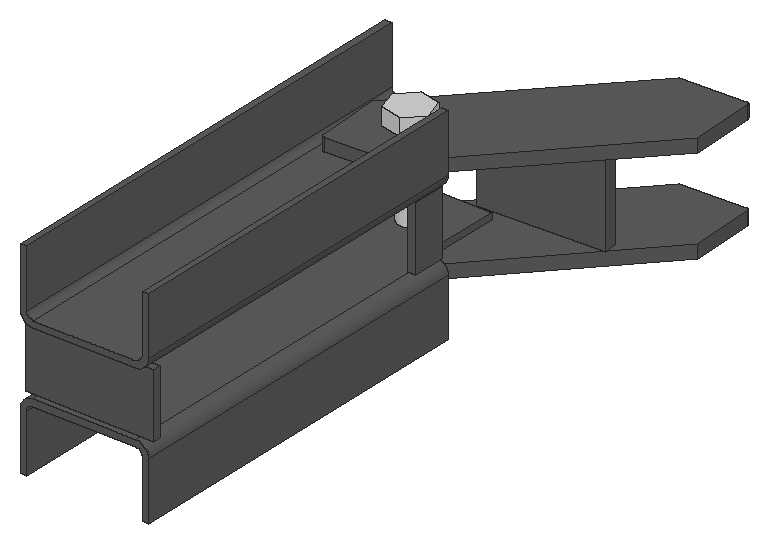
Revit family "MF_UP LIFT BRACKET_1904534", category Modelos genéricos, Revit 2018
Family settings
  Puede alojar armadura = No
  Cota de conector redondo = Diámetro de uso
  Tipo de pieza = Normal
  Número OmniClass = 35.51.14.00
  Título OmniClass = FORMWORK
  Se basa en plano de trabajo = Sí
  Siempre vertical = No
  Corte con vacíos al cargar = No
  Compartido = Sí
  Punto de cálculo de habitación = No
Parameters
  VERSION = "20170217"  # constant formula
  URL = "www.ulmaconstruction.com/en"
  UNICLASS = ""
  Fabricante = "ULMA CONSTRUCTION"  # constant formula
  ITEM_CODE = "1904534"
  FILTER [instance] = ""
  Default Elevation = 0.000 mm
  CLASSIFICATION_TITLE = ""
  CLASSIFICATION_NUMBER = ""
Reference planes
  plane 1 "Centro (Frontal/Posterior)": y = 0
  plane 2: z = 0
  plane 3 "Centro (Izquierda/Derecha)": x = 0
Forms (mm)
  Extrusion 1, solid, material "ULMA BLACK", detail levels fine
    sketch origin (0, 0, 0) x (0.998932, 0.046199, 0) y (-0.046199, 0.998932, 0)
      loop
        line (-9.192, 34.648) -> (-142.128, -98.288) -> (-142.128, -149.028)
        arc (-142.128, -149.028) -> (-141.25, -151.149) -> (-139.128, -152.028) r 3
        line (-139.128, -152.028) -> (-88.388, -152.028) -> (44.548, -19.092) -> (44.548, 31.648)
        arc (44.548, 31.648) -> (43.669, 33.77) -> (41.548, 34.648) r 3
        line (41.548, 34.648) -> (-9.192, 34.648)
    from 2 to 12
  Extrusion 2, solid, material "ULMA BLACK", detail levels fine
    sketch origin (0, 0, -74) x (0.998932, 0.046199, 0) y (-0.046199, 0.998932, 0)
      loop
        line (-9.192, 34.648) -> (-142.128, -98.288) -> (-142.128, -149.028)
        arc (-142.128, -149.028) -> (-141.25, -151.149) -> (-139.128, -152.028) r 3
        line (-139.128, -152.028) -> (-88.388, -152.028) -> (44.548, -19.092) -> (44.548, 31.648)
        arc (44.548, 31.648) -> (43.669, 33.77) -> (41.548, 34.648) r 3
        line (41.548, 34.648) -> (-9.192, 34.648)
    from 2 to 12
  Extrusion 3, solid, material "ULMA BLACK", detail levels fine
    sketch origin (0, 0, 0) x (0.998932, 0.046199, 0) y (-0.046199, 0.998932, 0)
      loop
        line (-92.812, -49.452) -> (-92.812, -59.452) -> (4.188, -59.452) -> (4.188, -49.452) -> (-92.812, -49.452)
    from 2 to -62
  Extrusion 4, solid, material "ULMA ZINC", detail levels fine
    sketch origin (0, 0, 0) x (0.998932, 0.046199, 0) y (-0.046199, 0.998932, 0)
      loop
        line (-95.233, -95.233) -> (-111.963, -90.75) -> (-124.211, -102.997) -> (-119.728, -119.728) -> (-102.997, -124.211) -> (-90.75, -111.963) -> (-95.233, -95.233)
    from -72 to -92
  Extrusion 5, solid, material "ULMA ZINC", detail levels fine
    sketch origin (0, 0, 97) x (0.998932, 0.046199, 0) y (-0.046199, 0.998932, 0)
      loop
        line (-95.233, -95.233) -> (-111.963, -90.75) -> (-124.211, -102.997) -> (-119.728, -119.728) -> (-102.997, -124.211) -> (-90.75, -111.963) -> (-95.233, -95.233)
    from -72 to -85
  Extrusion 6, solid, material "ULMA ZINC", detail levels fine
    sketch origin (0, 0, 0) x (0.998932, 0.046199, 0) y (-0.046199, 0.998932, 0)
      loop
        circle (-107.48, -107.48) r 9.5
    from -98 to 12
  Extrusion 7, solid, material "ULMA BLACK", detail levels fine
    sketch origin (5.08, -4.851, 0) x (1, 0, 0) y (0, 0, 1)
      loop
        line (-152.48, 50) -> (-157.48, 50) -> (-157.48, 5)
        arc (-157.48, 5) -> (-154.551, -2.071) -> (-147.48, -5) r 10
        line (-147.48, -5) -> (-67.48, -5)
        arc (-67.48, -5) -> (-60.409, -2.071) -> (-57.48, 5) r 10
        line (-57.48, 5) -> (-57.48, 50) -> (-62.48, 50) -> (-62.48, 5)
        arc (-62.48, 5) -> (-63.945, 1.464) -> (-67.48, 0) r 5
        line (-67.48, 0) -> (-147.48, 0)
        arc (-147.48, 0) -> (-151.016, 1.464) -> (-152.48, 5) r 5
        line (-152.48, 5) -> (-152.48, 50)
      loop
        line (-152.48, -110) -> (-152.48, -65)
        arc (-152.48, -65) -> (-151.016, -61.464) -> (-147.48, -60) r 5
        line (-147.48, -60) -> (-67.48, -60)
        arc (-67.48, -60) -> (-63.945, -61.464) -> (-62.48, -65) r 5
        line (-62.48, -65) -> (-62.48, -110) -> (-57.48, -110) -> (-57.48, -65)
        arc (-57.48, -65) -> (-60.409, -57.929) -> (-67.48, -55) r 10
        line (-67.48, -55) -> (-147.48, -55)
        arc (-147.48, -55) -> (-154.551, -57.929) -> (-157.48, -65) r 10
        line (-157.48, -65) -> (-157.48, -110) -> (-152.48, -110)
    from 69.48 to 424.48
  Extrusion 8, solid, material "ULMA BLACK", detail levels fine
    sketch origin (5.08, -4.851, 0) x (1, 0, 0) y (0, 1, 0)
      loop
        line (-62.48, -158.48) -> (-62.48, -133.48) -> (-68.48, -133.48) -> (-68.48, -158.48) -> (-62.48, -158.48)
    from -55 to -5
  Extrusion 9, solid, material "ULMA BLACK", detail levels fine
    sketch origin (-78.92, -4.851, 0) x (1, 0, 0) y (0, 1, 0)
      loop
        line (-62.48, -158.48) -> (-62.48, -133.48) -> (-68.48, -133.48) -> (-68.48, -158.48) -> (-62.48, -158.48)
    from -55 to -5
  Extrusion 10, solid, material "ULMA BLACK", detail levels fine
    sketch origin (5.08, -4.851, 0) x (1, 0, 0) y (0, 1, 0)
      loop
        line (-57.48, -413.48) -> (-157.48, -413.48) -> (-157.48, -419.48) -> (-57.48, -419.48) -> (-57.48, -413.48)
    from -5 to -55
  Extrusion 11, solid, material "ULMA BLACK", detail levels coarse+medium
    sketch origin (5.08, -4.851, 0) x (1, 0, 0) y (0, 1, 0)
      loop
        line (-157.48, -69.48) -> (-157.48, -424.48) -> (-57.48, -424.48) -> (-57.48, -69.48) -> (-157.48, -69.48)
    from 50 to -110
  Extrusion 12, void
    sketch origin (5.08, -4.851, -60) x (1, 0, 0) y (0, 0, 1)
      loop
        arc (-57.48, -5) -> (-60.409, 2.071) -> (-67.48, 5) r 10
        line (-67.48, 5) -> (-74.48, 5) -> (-74.48, 0) -> (-67.48, 0)
        arc (-67.48, 0) -> (-63.945, -1.464) -> (-62.48, -5) r 5
        line (-62.48, -5) -> (-62.48, -50) -> (-57.48, -50) -> (-57.48, -5)
    from 69.48 to 133.48
  Extrusion 13, void
    sketch origin (5.08, -4.851, 0) x (1, 0, 0) y (0, 0, 1)
      loop
        line (-57.48, 5) -> (-57.48, 50) -> (-62.48, 50) -> (-62.48, 5)
        arc (-62.48, 5) -> (-63.945, 1.464) -> (-67.48, 0) r 5
        line (-67.48, 0) -> (-74.48, 0) -> (-74.48, -5) -> (-67.48, -5)
        arc (-67.48, -5) -> (-60.409, -2.071) -> (-57.48, 5) r 10
    from 69.48 to 133.48
Cuts and joins
  Extrusion 13 cuts Extrusion 2
  Extrusion 12, Extrusion 13 cuts Extrusion 7
Lines and regions (mm)
  model lines, style "ULMA ANCHOR", detail levels fine
    curve 1: circle (0, 0, 12) r 10.5 normal (0, 0, -1)
    curve 2: circle (0, 0, 2) r 10.5 normal (0, 0, -1)
    curve 3: circle (0, 0, -62) r 10.5 normal (0, 0, -1)
    curve 4: circle (0, 0, -72) r 10.5 normal (0, 0, -1)
Dimensions and locks
  aligned and locked: level to plane 2
